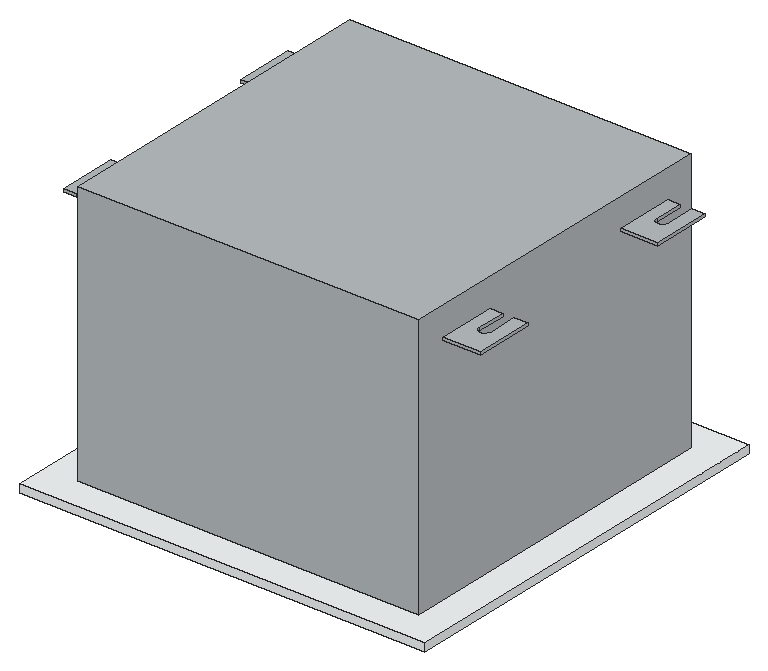
Revit family "tda-30jc2_60Hz", category 機械設備, Revit 2019
Family settings
  丸型コネクタ寸法 = 直径を使用
  パーツ タイプ = 標準
  OmniClass 番号 = 23.75.10.34.21
  OmniClass タイトル = Heat Exchangers for Ventilation Air
  作業面ベース = いいえ
  常に垂直 = はい
  ロード時にボイドで切り取り = いいえ
  共有 = いいえ
  部屋計算ポイント = はい
Parameters (values of type "TDA-30JC2")
  騒音レベル(dB(A)) = 38
  風量 = 300.0 m³/h
  面風速 = 0.6 m/s
  電源種別 [instance] = "一般"
  電圧 = 100 V
  電動機出力 = 0 W
  集中コントローラ = ""
  運転質量 = 0.00 kg
  連動 [instance] = ""
  質量 = if(製品質量 > 運転質量, 製品質量, 運転質量) * 1.2  # 10.20 kg
  負荷分類 = 3_ファン類
  説明 = "業務用単独脱臭ユニット"
  設計風量 = 0.0 m³/h
  設置方法 = "カセット形"
  記号 [instance] = ""
  製造元 = "MITSIBISHI ELECTRIC"
  製品質量 = 8.50 kg
  製品出荷対象 = "国内"
  製品リリース年月 = "2002/11/1"
  製品グループ = ""
  系統 [instance] = ""
  符号 = ""
  積算_科目 = "1 空気調和設備"
  積算_拾い区分 [instance] = ""
  相 = 1
  盤記号 [instance] = ""
  発停方法 [instance] = "別売スイッチ"
  特殊仕様 [instance] = ""
  火災停止 [instance] = ""
  温度交換効率 = 0.00%
  消費電力 = 48 W
  法定耐用年数 = "15"
  機外静圧_排気 = 0.0 Pa
  機外静圧 = 0.0 Pa
  極数 = 2
  材質 [instance] = ""
  本体マテリアル = 溶融亜鉛めっき鋼板
  操作・制御方式 = ""
  操作・制御スイッチ = ""
  排気量 = 0.0 m³/h
  形式 = "カセット形"
  幹線記号 [instance] = ""
  対象室 [instance] = ""
  実風量 = 0.0 m³/h
  始動方式 [instance] = "直入"
  天吊金具_径 = 6.5 mm
  天吊金具_幅 = 33 mm
  外気量 = 0.0 m³/h
  呼称 = "脱臭装置"
  周波数 = 60 Hz
  天吊金具ピッチ2 = 250 mm
  天吊金具ピッチ1 = 426 mm
  天吊金具_高さ = 31.5 mm
  参照している仕様書等のバージョン = ""
  初期抵抗 = 0.0 Pa
  分類コード = "50059002100020"
  分類グループ = ""
  価格 = 161000
  企業コード = "108420"
  付属品_フィルター_還気 = ""
  付属品_フィルター = ""
  付属品 [instance] = ""
  仕様書バージョン = "Version1.0"
  モデル = "TDA-30JC2"
  パネルマテリアル = 樹脂成形
  コメント [instance] = ""
  Keynote = ""
  エンタルピ交換効率_暖房 = 0.00%
  エンタルピ交換効率_冷房 = 0.00%
  Assembly Code = ""
  Width = 383 mm
  Version = ""
  Uniclass2015Version = "Systems v1.9"
  Uniclass2015Title = "Thermal wheels"
  Uniclass2015Code = "Pr_60_60_36_88"
  URL = "https://www.mitsubishielectric.co.jp/ldg/wink/ssl/displayProduct.do?pid=44428"
  SpecificationReference = ""
  SpecificationDescription = ""
  SAサイズ_D = 0 mm
  Revision = ""
  RAサイズ_D = 0 mm
  ProductInformation = ""
  Panel_Width = 455 mm
  Panel_Height = 9 mm
  Panel_Depth = 455 mm
  OmniClassCode = "23-27 23 19 11"
  OAサイズ_W = 0 mm
  OAサイズ_D = 0 mm
  MIN風量 = 130.0 m³/h
  MIN静圧 = 0.0 Pa
  MAX風量 = 300.0 m³/h
  MAX静圧 = 0.0 Pa
  IfcTypeProduct = ""
  IfcProduct = ""
  IfcExportType = "ROTARYWHEEL"
  IfcExportAs = "IfcAirToAirHeatRecoveryType"
  Height = 296.5 mm
  EAサイズ_W = 0 mm
  EAサイズ_D = 0 mm
  Depth = 383 mm
  Clearance Top = 0 mm
  Clearance Left = 0 mm
  Author = "MITSUBISHI ELECTRIC"
Reference planes
  plane 1 "中心(正面/背面)": y = 0
  plane 2: z = 0
  plane 3 "中心(左/右)": x = 0
  plane 4: x = -191.5
  plane 5: x = 191.5
  plane 6: y = 191.5
  plane 7: y = -191.5
  plane 8: x = -213
  plane 9: x = 213
  plane 10: y = 125
  plane 11: y = -125
  plane 12: x = -234.5
  plane 13: y = 158
  plane 14: y = 92
  plane 15: y = -92
  plane 16: y = -158
  plane 17: z = 296.5
  plane 18: z = -9
  plane 19: y = 227.5
  plane 20: y = -227.5
  plane 21: x = 227.5
  plane 22: x = -227.5
  plane 23: x = 234.5
  plane 24: z = 265
  plane 25: z = 262
Forms (mm)
  Extrusion 1, solid, material "溶融亜鉛めっき鋼板" <- "本体マテリアル", detail levels fine
    sketch origin (0, 0, 0) x (1, 0, 0) y (0, 1, 0)
      loop
        line (-191.5, 191.5) -> (-191.5, -191.5) -> (191.5, -191.5) -> (191.5, 191.5) -> (-191.5, 191.5)
    from 296.5 to 0
  Extrusion 2, solid, material "樹脂成形" <- "パネルマテリアル"
    sketch origin (0, 0, 0) x (1, 0, 0) y (0, 1, 0)
      loop
        line (-227.5, 227.5) -> (-227.5, -227.5) -> (227.5, -227.5) -> (227.5, 227.5) -> (-227.5, 227.5)
    from -9 to 0
  Extrusion 3, solid, material "溶融亜鉛めっき鋼板" <- "本体マテリアル"
    sketch origin (0, 0, 0) x (1, 0, 0) y (0, 1, 0)
      loop
        line (-191.5, 158) -> (-234.5, 158) -> (-234.5, 92) -> (-219.5, 92) -> (-219.5, 125)
        arc (-219.5, 125) -> (-213, 131.5) -> (-206.5, 125) r 6.5
        line (-206.5, 125) -> (-206.5, 92) -> (-191.5, 92) -> (-191.5, 158)
    from 262 to 265
  Extrusion 4, solid, material "溶融亜鉛めっき鋼板" <- "本体マテリアル"
    sketch origin (0, -250, 0) x (1, 0, 0) y (0, 1, 0)
      loop
        line (-191.5, 158) -> (-234.5, 158) -> (-234.5, 92) -> (-219.5, 92) -> (-219.5, 125)
        arc (-219.5, 125) -> (-213, 131.5) -> (-206.5, 125) r 6.5
        line (-206.5, 125) -> (-206.5, 92) -> (-191.5, 92) -> (-191.5, 158)
    from 262 to 265
  Extrusion 5, solid, material "溶融亜鉛めっき鋼板" <- "本体マテリアル"
    sketch origin (0, 0, 0) x (-1, 0, 0) y (0, -1, 0)
      loop
        line (-191.5, 158) -> (-234.5, 158) -> (-234.5, 92) -> (-219.5, 92) -> (-219.5, 125)
        arc (-219.5, 125) -> (-213, 131.5) -> (-206.5, 125) r 6.5
        line (-206.5, 125) -> (-206.5, 92) -> (-191.5, 92) -> (-191.5, 158)
    from 262 to 265
  Extrusion 6, solid, material "溶融亜鉛めっき鋼板" <- "本体マテリアル"
    sketch origin (0, 250, 0) x (-1, 0, 0) y (0, -1, 0)
      loop
        line (-191.5, 158) -> (-234.5, 158) -> (-234.5, 92) -> (-219.5, 92) -> (-219.5, 125)
        arc (-219.5, 125) -> (-213, 131.5) -> (-206.5, 125) r 6.5
        line (-206.5, 125) -> (-206.5, 92) -> (-191.5, 92) -> (-191.5, 158)
    from 262 to 265
Lines and regions (mm)
  Masking region 1, detail levels coarse+medium
    outline origin (1326.5, 29, 0) x (1, 0, 0) y (0, 1, 0)
      loop
        line (-1518, 162.5) -> (-1518, -220.5) -> (-1135, -220.5) -> (-1135, 162.5) -> (-1518, 162.5)
  symbolic lines, detail levels coarse+medium
    curve 1: line (0, 191.5, 0) -> (-191.5, 0, 0)
    curve 2: line (-191.5, 0, 0) -> (0, -191.5, 0)
    curve 3: line (0, -191.5, 0) -> (191.5, 0, 0)
    curve 4: line (191.5, 0, 0) -> (0, 191.5, 0)
Dimensions and locks
  equal spacing: plane 4, plane 3 "中心(左/右)", plane 5
  "Width": plane 4 to plane 5
  equal spacing: plane 6, plane 1 "中心(正面/背面)", plane 7
  "Depth": plane 6 to plane 7
  equal spacing: plane 8, plane 3 "中心(左/右)", plane 9
  "天吊金具ピッチ1": plane 8 to plane 9
  equal spacing: plane 10, plane 1 "中心(正面/背面)", plane 11
  "天吊金具ピッチ2": plane 10 to plane 11
  equal spacing: plane 13, plane 10, plane 14
  equal spacing: plane 15, plane 11, plane 16
  "Height": plane 17 to level
  "Panel_Height": level to plane 18
  equal spacing: plane 20, plane 1 "中心(正面/背面)", plane 19
  "Panel_Depth": plane 20 to plane 19
  equal spacing: plane 22, plane 3 "中心(左/右)", plane 21
  "Panel_Width": plane 22 to plane 21
  "天吊金具_幅": plane 13 to plane 10
  "天吊金具_幅": plane 15 to plane 11
  equal spacing: plane 12, plane 8, plane 4
  equal spacing: plane 5, plane 9, plane 23
  "天吊金具_径": Extrusion 3 sketch curve to nested 1
  "天吊金具_径": Extrusion 4 sketch curve to nested 1
  "天吊金具_径": plane 9 to Extrusion 5 sketch curve
  "天吊金具_径": plane 9 to Extrusion 6 sketch curve
  "天吊金具_高さ": plane 17 to plane 24
  "天吊金具_径": radius of Extrusion 3 sketch curve
  "天吊金具_径": radius of Extrusion 4 sketch curve
  "天吊金具_径": radius of Extrusion 5 sketch curve
  "天吊金具_径": radius of Extrusion 6 sketch curve
  aligned and locked: level to plane 2
  aligned and locked: Masking region 1 to plane 4
  aligned and locked: plane 5 to Masking region 1
  aligned and locked: plane 6 to Masking region 1
  aligned and locked: Masking region 1 to plane 7
  aligned and locked: plane 9 to nested 1
  aligned and locked: plane 8 to nested 1
  aligned and locked: nested 1 to plane 11
  aligned and locked: plane 10 to nested 1
  aligned and locked: Extrusion 1 to plane 17
  aligned and locked: Extrusion 1 to level
  aligned and locked: Extrusion 2 sketch curve to plane 19
  aligned and locked: Extrusion 2 sketch curve to plane 22
  aligned and locked: Extrusion 2 sketch curve to plane 20
  aligned and locked: Extrusion 2 sketch curve to plane 21
  aligned and locked: Extrusion 2 to plane 18
  aligned and locked: level to Extrusion 2
  aligned and locked: Extrusion 3 sketch curve to plane 4
  aligned and locked: Extrusion 3 sketch curve to plane 13
  aligned and locked: plane 12 to Extrusion 3 sketch curve
  aligned and locked: Extrusion 3 sketch curve to plane 14  (x2)
  aligned and locked: Extrusion 4 sketch curve to plane 15
  aligned and locked: Extrusion 4 sketch curve to plane 16  (x2)
  aligned and locked: plane 12 to Extrusion 4 sketch curve
  aligned and locked: Extrusion 4 sketch curve to plane 4
  aligned and locked: plane 23 to Extrusion 5 sketch curve
  aligned and locked: plane 15 to Extrusion 5 sketch curve  (x2)
  aligned and locked: plane 5 to Extrusion 5 sketch curve
  aligned and locked: plane 16 to Extrusion 5 sketch curve
  aligned and locked: plane 23 to Extrusion 6 sketch curve
  aligned and locked: plane 14 to Extrusion 6 sketch curve
  aligned and locked: plane 5 to Extrusion 6 sketch curve
  aligned and locked: plane 13 to Extrusion 6 sketch curve  (x2)
  aligned and locked: plane 24 to Extrusion 4
  aligned and locked: Extrusion 4 to plane 25
  aligned and locked: Extrusion 3 to Extrusion 4  (x2)
  aligned and locked: Extrusion 5 to Extrusion 3
  aligned and locked: Extrusion 5 to plane 25
  aligned and locked: Extrusion 6 to Extrusion 3
  aligned and locked: Extrusion 3 to Extrusion 6
Automatic sketch dimensions
  plane 1 "中心(正面/背面)" to curve 1 = 0 mm
  curve 1 to plane 4 = 0 mm
  curve 2 to plane 3 "中心(左/右)" = 0 mm
  curve 4 to plane 3 "中心(左/右)" = 0 mm
  curve 2 to plane 7 = 0 mm
  Extrusion 1 sketch curve to plane 4 = 0 mm
  Extrusion 1 sketch curve to plane 5 = 0 mm
  Extrusion 1 sketch curve to plane 7 = 0 mm
  Extrusion 1 sketch curve to plane 6 = 0 mm
  Masking region 1 sketch curve to plane 4 = 0 mm
  Masking region 1 sketch curve to plane 5 = 0 mm
  Masking region 1 sketch curve to plane 7 = 0 mm
  Masking region 1 sketch curve to plane 6 = 0 mm
  Extrusion 3 sketch curve to plane 10 = 0 mm
  Extrusion 4 sketch curve to plane 11 = 0 mm
  Extrusion 5 sketch curve to plane 11 = 0 mm
  Extrusion 6 sketch curve to plane 10 = 0 mm
Nested families
  nested 1: "固定点" at (-213, -125, 0), type "固定点"
    with W 426 mm, D 250 mm
Connectors
  electrical at (0, 0, 296.5), driven by "極数", driven by "負荷分類", driven by "電圧", driven by "消費電力"
    settings: on Extrusion 1, index 13, voltage 100 V, apparent load 48 VA, apparent load phase1 0 VA, apparent load phase2 0 VA, apparent load phase3 0 VA, power factor 1, load classification "3_ファン類", number of poles 2, system type 30, power factor state 1, is connector primary yes, connector utility no, sub classification motor no, connector description ""
Definition of nested family "固定点"
  Parameters (values of type "固定点")
    中心円 = 20 mm
    W [instance] = 1000 mm
    D [instance] = 1000 mm
  Reference planes
    plane 1 "中心(正面/背面)": y = 0
    plane 2: z = 0
    plane 3 "中心(左/右)": x = 0
    plane 4: x = 1000
    plane 5: y = 1000
  Lines and regions (mm)
    symbolic lines, detail levels fine
      curve 1: circle (0, 1000, 0) r 10 normal (0, 0, 1)
      curve 2: circle (0, 0, 0) r 10 normal (0, 0, 1)
      curve 3: circle (1000, 1000, 0) r 10 normal (0, 0, 1)
      curve 4: circle (1000, 0, 0) r 10 normal (0, 0, 1)
      curve 5: line (-200, 1000, 0) -> (1200, 1000, 0)
      curve 6: line (-200, 0, 0) -> (1200, 0, 0)
      curve 7: line (0, 1200, 0) -> (0, -200, 0)
      curve 8: line (1000, 1200, 0) -> (1000, -200, 0)
  Dimensions and locks
    "W": plane 3 "中心(左/右)" to plane 4
    "D": plane 1 "中心(正面/背面)" to plane 5
    "中心円": diameter of curve 1
    "中心円": diameter of curve 2
    "中心円": diameter of curve 3
    "中心円": diameter of curve 4
    aligned and locked: level to plane 2
    aligned and locked: plane 5 to curve 1
    aligned and locked: plane 3 "中心(左/右)" to curve 1
    aligned and locked: plane 3 "中心(左/右)" to curve 2
    aligned and locked: plane 1 "中心(正面/背面)" to curve 2
    aligned and locked: plane 4 to curve 3
    aligned and locked: plane 5 to curve 3
    aligned and locked: plane 1 "中心(正面/背面)" to curve 4
    aligned and locked: plane 4 to curve 4
    aligned and locked: plane 1 "中心(正面/背面)" to curve 6
    aligned and locked: curve 7 to plane 3 "中心(左/右)"
    aligned and locked: curve 8 to plane 4
  Automatic sketch dimensions
    curve 5 to plane 5 = 0 mm
    curve 6 to plane 3 "中心(左/右)" = 200 mm
    curve 5 to plane 3 "中心(左/右)" = 200 mm
    curve 4 to curve 6 = 200 mm
    curve 3 to curve 5 = 200 mm
    plane 1 "中心(正面/背面)" to curve 8 = 200 mm
    plane 1 "中心(正面/背面)" to curve 7 = 200 mm
    curve 3 to curve 8 = 200 mm
    curve 1 to curve 7 = 200 mm
